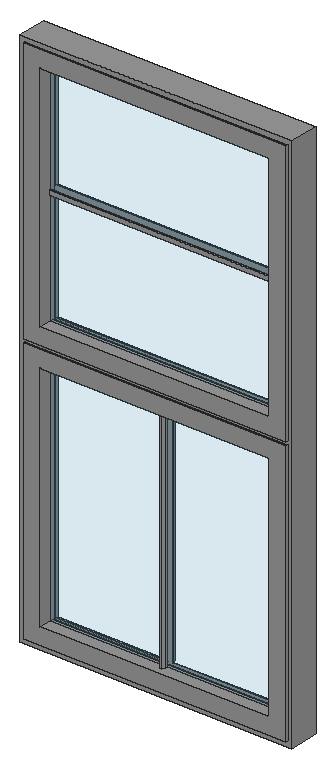
Revit family "Kawneer_Window_GT70s_Pos0081", category Windows, host Wall, Revit 2020 (continued)
Definition of nested family "Kawneer_GT70s_Pos008"
  Definition of nested family "Kawneer_GT70s_Jamb8"
    Lines and regions (mm)
      model lines, in view "Ref. Level", detail levels fine
        curve 955: line (-38.383, -47.133, 0) -> (-35.431, -47.133, 0)
        curve 956: line (-35.164, -47.147, 0) -> (-36.662, -48.645, 0)
        curve 957: line (-36.662, -48.645, 0) -> (-37.957, -49.68, 0)
        curve 958: line (-37.957, -49.68, 0) -> (-39.458, -48.179, 0)
        curve 959: line (-38.754, -49.145, 0) -> (-39.066, -48.928, 0)
        curve 960: line (-39.066, -48.928, 0) -> (-37.271, -47.133, 0)
        curve 961: line (-36.485, -50.589, 0) -> (-34.849, -48.953, 0)
        curve 962: line (-34.849, -48.953, 0) -> (-33.712, -47.817, 0)
        curve 963: line (-35.12, -51.345, 0) -> (-33.036, -49.262, 0)
        curve 964: line (-33.702, -52.049, 0) -> (-31.223, -49.57, 0)
        curve 965: line (-32.23, -52.699, 0) -> (-29.41, -49.878, 0)
        curve 966: line (-30.701, -53.29, 0) -> (-27.597, -50.186, 0)
        curve 967: line (-27.597, -50.186, 0) -> (-37.716, -48.466, 0)
        curve 968: line (-25.366, -47.956, 0) -> (-24.429, -47.019, 0)
        curve 969: line (-24.429, -47.019, 0) -> (-23.674, -46.264, 0)
        curve 970: line (-29.113, -53.824, 0) -> (-23.869, -48.58, 0)
        curve 971: line (-23.869, -48.58, 0) -> (-22.871, -47.582, 0)
        curve 972: line (-22.871, -47.582, 0) -> (-21.468, -46.179, 0)
        curve 973: line (-27.512, -54.344, 0) -> (-23.309, -50.142, 0)
        curve 974: line (-23.309, -50.142, 0) -> (-22.261, -49.093, 0)
        curve 975: line (-22.261, -49.093, 0) -> (-22.694, -49.102, 0)
        curve 976: line (-21.405, -48.237, 0) -> (-20.147, -46.979, 0)
        curve 977: line (-25.911, -54.865, 0) -> (-23.726, -52.68, 0)
        curve 978: line (-22.812, -51.766, 0) -> (-22.144, -51.097, 0)
        curve 979: line (-20.279, -49.232, 0) -> (-19.488, -48.441, 0)
        curve 980: line (-24.31, -55.385, 0) -> (-23.724, -54.799, 0)
        curve 981: line (-22.694, -47.702, 0) -> (-21.904, -47.702, 0)
        curve 982: line (-23.194, -48.602, 0) -> (-23.194, -48.202, 0)
        curve 983: line (-23.194, -50.664, 0) -> (-23.194, -50.264, 0)
        curve 984: line (-22.694, -49.764, 0) -> (-22.394, -49.764, 0)
        curve 985: line (-21.894, -50.264, 0) -> (-21.894, -50.664, 0)
        curve 986: line (-22.394, -51.164, 0) -> (-22.694, -51.164, 0)
        curve 987: line (-22.014, -46.044, 0) -> (-22.341, -46.737, 0)
        curve 988: line (-23.674, -46.438, 0) -> (-23.674, -45.279, 0)
        curve 989: line (-25.267, -46.826, 0) -> (-25.402, -48.371, 0)
        curve 990: line (-37.664, -48.295, 0) -> (-33.841, -49.048, 0)
        curve 991: line (-22.326, -52.387, 0) -> (-22.083, -52.926, 0)
        curve 992: line (-22.083, -52.926, 0) -> (-21.548, -52.926, 0)
        curve 993: line (-21.548, -52.926, 0) -> (-19.374, -51.718, 0)
        curve 994: line (-19.367, -47.853, 0) -> (-19.367, -47.62, 0)
        curve 995: line (-17.681, 2.259, 0) -> (-19.422, 4, 0)
        curve 996: line (-18.089, 0.546, 0) -> (-18.66, 1.117, 0)
        curve 997: line (-20.544, 3.001, 0) -> (-20.878, 3.335, 0)
        curve 998: line (-20.878, 3.335, 0) -> (-21.444, 3.901, 0)
        curve 999: line (-21.444, 3.901, 0) -> (-22.26, 3.001, 0)
        curve 1000: line (-22.362, 4.818, 0) -> (-23.449, 5.906, 0)
        curve 1001: line (-19.665, 0, 0) -> (-20.519, 0.855, 0)
        curve 1002: line (-20.519, 0.855, 0) -> (-20.807, 1.142, 0)
        curve 1003: line (-19.206, 1.662, 0) -> (-20.351, 2.788, 0)
        curve 1004: line (-20.351, 2.788, 0) -> (-21.438, 1.773, 0)
        curve 1005: line (-21.438, 1.773, 0) -> (-22.274, 2.61, 0)
        curve 1006: line (-21.786, 0, 0) -> (-23.674, 1.888, 0)
        curve 1007: line (-24.496, 2.886, 0) -> (-23.375, 4.007, 0)
        curve 1008: line (-23.375, 4.007, 0) -> (-22.342, 5.039, 0)
        curve 1009: line (-21.781, 5.601, 0) -> (-20.972, 6.41, 0)
        curve 1010: line (-23.908, 1.353, 0) -> (-23.376, 1.885, 0)
        curve 1011: line (-23.191, 2.069, 0) -> (-22.578, 2.682, 0)
        curve 1012: line (-21.238, 5.418, 0) -> (-21.124, 4.118, 0)
        curve 1013: line (-21.061, 4.199, 0) -> (-20.324, 4.937, 0)
        curve 1014: line (-20.324, 4.937, 0) -> (-20.374, 4.5, 0)
        curve 1015: line (-20.324, 4.201, 0) -> (-20.324, 5.301, 0)
        curve 1016: line (-20.324, 5.301, 0) -> (-19.882, 5.379, 0)
        curve 1017: line (-19.882, 5.379, 0) -> (-19.728, 5.532, 0)
        curve 1018: line (-22.955, 0.184, 0) -> (-22.319, 0.82, 0)
        curve 1019: line (-20.138, 3.001, 0) -> (-19.139, 4, 0)
        curve 1020: line (-21.018, 0, 0) -> (-20.153, 0.865, 0)
        curve 1021: line (-20.153, 0.865, 0) -> (-19.15, 1.868, 0)
        curve 1022: line (-18.491, 2.526, 0) -> (-17.753, 3.265, 0)
        curve 1023: line (-18.832, 0.064, 0) -> (-17.767, 1.13, 0)
        curve 1024: line (-21.437, 5.601, 0) -> (-22.11, 5.601, 0)
        curve 1025: line (-22.309, 5.418, 0) -> (-22.423, 4.118, 0)
        curve 1026: line (-22.224, 3.901, 0) -> (-21.324, 3.901, 0)
        curve 1027: line (-19.806, 0.801, 0) -> (-19.297, 0.801, 0)
        curve 1028: line (-18.711, 3.001, 0) -> (-22.904, 3.001, 0)
        curve 1029: line (-24.824, 4.001, 0) -> (-23.424, 4.001, 0)
        curve 1030: line (-23.224, 4.201, 0) -> (-23.224, 5.301, 0)
        curve 1031: line (-23.224, 5.301, 0) -> (-23.658, 5.377, 0)
        curve 1032: line (-23.724, 5.747, 0) -> (-22.419, 6.501, 0)
        curve 1033: line (-22.419, 6.501, 0) -> (-21.128, 6.501, 0)
        curve 1034: line (-21.128, 6.501, 0) -> (-19.824, 5.747, 0)
        curve 1035: line (-20.124, 4.001, 0) -> (-18.124, 4.001, 0)
        curve 1036: line (-19.298, -0.005, 0) -> (-22.167, -0.005, 0)
        curve 1037: line (-30.823, -67.5, 0) -> (-30.945, -68, 0)
        curve 1038: line (-30.945, -68, 0) -> (-32.945, -66, 0)
        curve 1039: line (-33.254, -69.934, 0) -> (-33.841, -69.346, 0)
        curve 1040: line (-33.841, -69.346, 0) -> (-34.384, -68.803, 0)
        curve 1041: line (-34.523, -67.9, 0) -> (-35.287, -67.9, 0)
        curve 1042: line (-35.287, -67.9, 0) -> (-37.187, -66, 0)
        curve 1043: line (-37.309, -68, 0) -> (-39.309, -66, 0)
        curve 1044: line (-39.309, -66, 0) -> (-32.323, -66, 0)
        curve 1045: line (-39.281, -68.149, 0) -> (-40.643, -66.787, 0)
        curve 1046: line (-39.153, -70.398, 0) -> (-41.792, -67.759, 0)
        curve 1047: line (-39.728, -71.944, 0) -> (-40.813, -70.86, 0)
        curve 1048: line (-38.437, -66, 0) -> (-42.05, -69.623, 0)
        curve 1049: line (-42.05, -69.623, 0) -> (-44.129, -67.544, 0)
        curve 1050: line (-44.129, -67.544, 0) -> (-45.33, -68.651, 0)
        curve 1051: line (-45.073, -68.721, 0) -> (-46.458, -67.336, 0)
        curve 1052: line (-46.458, -67.336, 0) -> (-41.359, -67.798, 0)
        curve 1053: line (-46.866, -68.065, 0) -> (-46.164, -67.363, 0)
        curve 1054: line (-43.664, -69.105, 0) -> (-42.274, -67.715, 0)
        curve 1055: line (-40.947, -70.632, 0) -> (-39.27, -68.955, 0)
        curve 1056: line (-40.022, -71.827, 0) -> (-39.111, -70.917, 0)
        curve 1057: line (-34.809, -70.5, 0) -> (-36.328, -68.981, 0)
        curve 1058: line (-36.323, -69.1, 0) -> (-36.357, -68.162, 0)
        curve 1059: line (-36.357, -68.162, 0) -> (-34.194, -66, 0)
        curve 1060: line (-36.268, -70.195, 0) -> (-35.415, -69.342, 0)
        curve 1061: line (-35.415, -69.342, 0) -> (-35.523, -68.117, 0)
        curve 1062: line (-34.438, -69.417, 0) -> (-34.337, -68.264, 0)
        curve 1063: line (-34.337, -68.264, 0) -> (-32.091, -66.018, 0)
        curve 1064: line (-34.452, -70.5, 0) -> (-33.115, -69.163, 0)
        curve 1065: line (-31.952, -68, 0) -> (-30.921, -66.969, 0)
        curve 1066: line (-35.21, -69.6, 0) -> (-34.637, -69.6, 0)
        curve 1067: line (-33.523, -68.3, 0) -> (-33.523, -69.1, 0)
        curve 1068: line (-33.523, -69.1, 0) -> (-32.873, -69.2, 0)
        curve 1069: line (-32.873, -69.2, 0) -> (-32.873, -69.615, 0)
        curve 1070: line (-32.873, -69.615, 0) -> (-33.928, -70.5, 0)
        curve 1071: line (-33.928, -70.5, 0) -> (-35.9, -70.5, 0)
        curve 1072: line (-35.9, -70.5, 0) -> (-36.61, -69.913, 0)
        curve 1073: line (-36.623, -68, 0) -> (-39.022, -68, 0)
        curve 1074: line (-39.321, -68.324, 0) -> (-39.023, -72, 0)
        curve 1075: line (-39.023, -72, 0) -> (-39.323, -72, 0)
        curve 1076: line (-42.671, -69.376, 0) -> (-46.554, -68.317, 0)
        curve 1077: line (-30.823, -68, 0) -> (-33.223, -68, 0)
        curve 1078: line (-20.219, -18.531, 0) -> (-21.198, -17.551, 0)
        curve 1079: line (-21.198, -17.551, 0) -> (-21.877, -17.551, 0)
        curve 1080: line (-19.077, -21.794, 0) -> (-22.377, -18.494, 0)
        curve 1081: line (-23.677, -20.051, 0) -> (-23.677, -25.938, 0)
        curve 1082: line (-23.677, -25.938, 0) -> (-20.362, -22.63, 0)
        curve 1083: line (-20.362, -22.63, 0) -> (-23.392, -19.6, 0)
        curve 1084: line (-20.577, -24.536, 0) -> (-23.677, -21.436, 0)
        curve 1085: line (-19.214, -28.021, 0) -> (-23.677, -23.558, 0)
        curve 1086: line (-20.787, -28.569, 0) -> (-23.677, -25.679, 0)
        curve 1087: line (-23.435, -30.163, 0) -> (-24.196, -29.403, 0)
        curve 1088: line (-24.196, -29.403, 0) -> (-26.647, -26.952, 0)
        curve 1089: line (-19.261, -36.459, 0) -> (-21.266, -34.455, 0)
        curve 1090: line (-27.272, -28.448, 0) -> (-28.773, -26.947, 0)
        curve 1091: line (-28.773, -26.947, 0) -> (-31.883, -29.901, 0)
        curve 1092: line (-21.204, -36.637, 0) -> (-24.518, -33.323, 0)
        curve 1093: line (-24.518, -33.323, 0) -> (-25.077, -32.764, 0)
        curve 1094: line (-29.393, -28.448, 0) -> (-30.9, -26.942, 0)
        curve 1095: line (-30.9, -26.942, 0) -> (-24.679, -26.957, 0)
        curve 1096: line (-24.679, -26.957, 0) -> (-24.035, -27.443, 0)
        curve 1097: line (-24.035, -27.443, 0) -> (-22.399, -29.079, 0)
        curve 1098: line (-23.107, -36.856, 0) -> (-24.679, -35.283, 0)
        curve 1099: line (-24.679, -35.283, 0) -> (-30.634, -29.329, 0)
        curve 1100: line (-30.634, -29.329, 0) -> (-31.919, -28.043, 0)
        curve 1101: line (-31.919, -28.043, 0) -> (-34.191, -28.962, 0)
        curve 1102: line (-21.484, -44.015, 0) -> (-19.729, -42.355, 0)
        curve 1103: line (-19.729, -42.355, 0) -> (-20.533, -41.551, 0)
        curve 1104: line (-30.066, -32.018, 0) -> (-31.346, -30.738, 0)
        curve 1105: line (-31.346, -30.738, 0) -> (-31.883, -30.201, 0)
        curve 1106: line (-32.831, -29.253, 0) -> (-33.43, -28.654, 0)
        curve 1107: line (-25.842, -42.951, 0) -> (-23.574, -40.632, 0)
        curve 1108: line (-23.574, -40.632, 0) -> (-25.002, -39.204, 0)
        curve 1109: line (-25.002, -39.204, 0) -> (-25.121, -39.085, 0)
        curve 1110: line (-25.373, -38.833, 0) -> (-26.916, -37.289, 0)
        curve 1111: line (-30.38, -33.825, 0) -> (-31.883, -32.322, 0)
        curve 1112: line (-23.375, -42.951, 0) -> (-25.136, -41.19, 0)
        curve 1113: line (-27.538, -38.789, 0) -> (-29.038, -37.289, 0)
        curve 1114: line (-30.376, -35.95, 0) -> (-31.883, -34.443, 0)
        curve 1115: line (-31.883, -34.443, 0) -> (-31.883, -29.15, 0)
        curve 1116: line (-25.497, -42.951, 0) -> (-26.993, -41.454, 0)
        curve 1117: line (-29.659, -38.789, 0) -> (-30.542, -37.906, 0)
        curve 1118: line (-30.542, -37.906, 0) -> (-31.883, -36.565, 0)
        curve 1119: line (-34.013, -36.033, 0) -> (-32.721, -35.727, 0)
        curve 1120: line (-32.721, -35.727, 0) -> (-33.323, -35.124, 0)
        curve 1121: line (-27.618, -42.951, 0) -> (-29.115, -41.454, 0)
        curve 1122: line (-30.371, -40.198, 0) -> (-31.149, -39.42, 0)
        curve 1123: line (-31.149, -39.42, 0) -> (-31.883, -38.687, 0)
        curve 1124: line (-22.762, -42.951, 0) -> (-29.739, -42.951, 0)
        curve 1125: line (-29.739, -42.951, 0) -> (-31.756, -40.935, 0)
        curve 1126: line (-31.756, -40.935, 0) -> (-31.883, -40.808, 0)
        curve 1127: line (-31.883, -40.808, 0) -> (-31.883, -35.67, 0)
        curve 1128: line (-30.41, -44.402, 0) -> (-31.883, -42.929, 0)
        curve 1129: line (-33.52, -29.416, 0) -> (-32.349, -28.246, 0)
        curve 1130: line (-31.866, -27.763, 0) -> (-31.061, -26.957, 0)
        curve 1131: line (-23.677, -21.695, 0) -> (-20.325, -18.343, 0)
        curve 1132: line (-31.883, -32.022, 0) -> (-29.699, -29.838, 0)
        curve 1133: line (-28.309, -28.448, 0) -> (-26.812, -26.952, 0)
        curve 1134: line (-23.677, -23.816, 0) -> (-19.558, -19.697, 0)
        curve 1135: line (-33.698, -35.959, 0) -> (-32.572, -34.832, 0)
        curve 1136: line (-29.743, -32.003, 0) -> (-28.639, -30.899, 0)
        curve 1137: line (-26.188, -28.448, 0) -> (-24.696, -26.957, 0)
        curve 1138: line (-31.883, -36.264, 0) -> (-30.379, -34.76, 0)
        curve 1139: line (-28.639, -33.02, 0) -> (-27.578, -31.96, 0)
        curve 1140: line (-25.077, -29.459, 0) -> (-24.122, -28.504, 0)
        curve 1141: line (-24.122, -28.504, 0) -> (-20.577, -24.959, 0)
        curve 1142: line (-31.883, -38.386, 0) -> (-30.375, -36.878, 0)
        curve 1143: line (-30.375, -36.878, 0) -> (-30.383, -32.643, 0)
        curve 1144: line (-30.383, -32.643, 0) -> (-31.883, -34.144, 0)
        curve 1145: line (-27.578, -34.081, 0) -> (-26.517, -33.02, 0)
        curve 1146: line (-25.077, -31.58, 0) -> (-24.312, -30.815, 0)
        curve 1147: line (-24.312, -30.815, 0) -> (-23.083, -29.586, 0)
        curve 1148: line (-22.893, -29.396, 0) -> (-19.544, -26.047, 0)
        curve 1149: line (-19.544, -26.047, 0) -> (-20.077, -26.046, 0)
        curve 1150: line (-33.226, -41.586, 0) -> (-32.611, -42.201, 0)
        curve 1151: line (-32.611, -42.201, 0) -> (-33.876, -42.501, 0)
        curve 1152: line (-33.876, -42.501, 0) -> (-32.794, -41.419, 0)
        curve 1153: line (-31.883, -40.507, 0) -> (-31.385, -40.009, 0)
        curve 1154: line (-31.385, -40.009, 0) -> (-28.665, -37.289, 0)
        curve 1155: line (-26.517, -35.142, 0) -> (-24.502, -33.126, 0)
        curve 1156: line (-24.502, -33.126, 0) -> (-23.577, -32.201, 0)
        curve 1157: line (-23.577, -32.201, 0) -> (-24.357, -31.363, 0)
        curve 1158: line (-24.357, -31.363, 0) -> (-25.077, -30.643, 0)
        curve 1159: line (-22.162, -28.99, 0) -> (-19.574, -28.198, 0)
        curve 1160: line (-19.574, -28.198, 0) -> (-19.078, -27.702, 0)
        curve 1161: line (-19.078, -27.702, 0) -> (-19.078, -26.571, 0)
        curve 1162: line (-31.883, -42.628, 0) -> (-30.359, -41.105, 0)
        curve 1163: line (-30.359, -41.105, 0) -> (-30.383, -39.289, 0)
        curve 1164: line (-28.043, -38.789, 0) -> (-26.543, -37.289, 0)
        curve 1165: line (-25.457, -36.202, 0) -> (-24.692, -35.438, 0)
        curve 1166: line (-24.692, -35.438, 0) -> (-23.32, -34.066, 0)
        curve 1167: line (-31.754, -44.621, 0) -> (-30.277, -43.144, 0)
        curve 1168: line (-30.277, -43.144, 0) -> (-28.587, -41.454, 0)
        curve 1169: line (-25.922, -38.789, 0) -> (-24.882, -37.749, 0)
        curve 1170: line (-24.882, -37.749, 0) -> (-21.574, -34.441, 0)
        curve 1171: line (-27.963, -42.951, 0) -> (-26.466, -41.454, 0)
        curve 1172: line (-25.077, -40.065, 0) -> (-23.577, -38.565, 0)
        curve 1173: line (-23.577, -38.565, 0) -> (-24.84, -37.244, 0)
        curve 1174: line (-24.84, -37.244, 0) -> (-25.112, -36.972, 0)
        curve 1175: line (-21.671, -36.659, 0) -> (-19.541, -34.53, 0)
        curve 1176: line (-19.541, -34.53, 0) -> (-22.621, -34.395, 0)
        curve 1177: line (-22.621, -36.705, 0) -> (-19.443, -36.553, 0)
        curve 1178: line (-19.443, -36.553, 0) -> (-19.095, -36.205, 0)
        curve 1179: line (-19.095, -36.205, 0) -> (-19.077, -35.029, 0)
        curve 1180: line (-23.72, -42.951, 0) -> (-22.32, -41.551, 0)
        curve 1181: line (-22.473, -43.174, 0) -> (-22.335, -43.687, 0)
        curve 1182: line (-22.335, -43.687, 0) -> (-20.199, -41.551, 0)
        curve 1183: line (-20.199, -41.551, 0) -> (-22.657, -41.551, 0)
        curve 1184: line (-22.657, -41.551, 0) -> (-20.819, -43.386, 0)
        curve 1185: line (-30.236, -29.302, 0) -> (-25.931, -33.607, 0)
        curve 1186: line (-25.077, -33.254, 0) -> (-25.077, -28.948, 0)
        curve 1187: line (-25.577, -28.448, 0) -> (-29.883, -28.448, 0)
        curve 1188: line (-25.077, -40.954, 0) -> (-25.077, -39.289, 0)
        curve 1189: line (-25.577, -38.789, 0) -> (-29.883, -38.789, 0)
        curve 1190: line (-29.883, -41.454, 0) -> (-25.577, -41.454, 0)
        curve 1191: line (-29.883, -37.289, 0) -> (-25.577, -37.289, 0)
        curve 1192: line (-25.223, -36.436, 0) -> (-29.529, -32.13, 0)
        curve 1193: line (-34.191, -35.462, 0) -> (-32.01, -34.614, 0)
        curve 1194: line (-32.608, -29.2, 0) -> (-34.013, -29.533, 0)
        curve 1195: line (-20.631, -17.805, 0) -> (-19.142, -20.43, 0)
        curve 1196: line (-19.077, -20.676, 0) -> (-19.077, -22.041, 0)
        curve 1197: line (-19.577, -22.541, 0) -> (-20.077, -22.541, 0)
        curve 1198: line (-20.577, -23.041, 0) -> (-20.577, -25.546, 0)
        curve 1199: line (-23.577, -30.902, 0) -> (-23.577, -33.396, 0)
        curve 1200: line (-23.577, -37.704, 0) -> (-23.577, -40.551, 0)
        curve 1201: line (-30.383, -43.451, 0) -> (-30.383, -44.201, 0)
        curve 1202: line (-31.883, -44.201, 0) -> (-31.883, -42.17, 0)
        curve 1203: line (-34.191, -41.962, 0) -> (-32.01, -41.114, 0)
        curve 1204: line (-70.924, -33.43, 0) -> (-68.142, -30.648, 0)
        curve 1205: line (-70.924, -36.966, 0) -> (-63.881, -29.922, 0)
        curve 1206: line (-70.924, -40.501, 0) -> (-61.053, -30.63, 0)
        curve 1207: line (-70.183, -46.831, 0) -> (-58.874, -35.522, 0)
        curve 1208: line (-67.905, -48.088, 0) -> (-58.874, -39.058, 0)
        curve 1209: line (-64.611, -48.33, 0) -> (-58.961, -42.681, 0)
        curve 1210: line (-58.874, -33.43, 0) -> (-62.035, -30.269, 0)
        curve 1211: line (-58.874, -36.966, 0) -> (-65.852, -29.987, 0)
        curve 1212: line (-58.874, -40.501, 0) -> (-68.539, -30.836, 0)
        curve 1213: line (-59.214, -43.696, 0) -> (-70.618, -32.293, 0)
        curve 1214: line (-60.481, -45.965, 0) -> (-70.924, -35.522, 0)
        curve 1215: line (-62.42, -47.562, 0) -> (-70.924, -39.058, 0)
        curve 1216: line (-65.12, -48.397, 0) -> (-70.924, -42.593, 0)
        curve 1217: line (-70.577, -46.476, 0) -> (-70.719, -46.334, 0)
        curve 1218: line (-58.874, -41.9, 0) -> (-58.874, -38.7, 0)
        curve 1219: line (-58.874, -38.7, 0) -> (-58.874, -31.99, 0)
        curve 1220: line (-58.874, -31.99, 0) -> (-70.924, -44.037, 0)
        curve 1221: line (-70.924, -32.595, 0) -> (-70.924, -46.113, 0)
        curve 1222: line (-64.674, 8, 0) -> (-78.474, 8, 0)
        curve 1223: line (-78.974, 7.5, 0) -> (-78.974, -31.4, 0)
        curve 1224: line (-78.474, -31.9, 0) -> (-77.174, -31.9, 0)
        curve 1225: line (-76.674, -31.4, 0) -> (-76.674, -30.9, 0)
        curve 1226: line (-77.774, -29.9, 0) -> (-77.774, -6.7, 0)
        curve 1227: line (-77.274, -6.2, 0) -> (-61.824, -6.2, 0)
        curve 1228: line (-61.682, -6.541, 0) -> (-62.365, -7.224, 0)
        curve 1229: line (-62.365, -7.224, 0) -> (-62.424, -7.6, 0)
        curve 1230: line (-62.224, -7.8, 0) -> (-61.758, -7.8, 0)
        curve 1231: line (-61.508, -7.733, 0) -> (-59.877, -6.792, 0)
        curve 1232: line (-60.33, -5.1, 0) -> (-76.718, -5.1, 0)
        curve 1233: line (-77.718, -4.082, 0) -> (-77.55, 5.08, 0)
        curve 1234: line (-76.052, 6.5, 0) -> (-67.907, 6.5, 0)
        curve 1235: line (-67.474, 6.25, 0) -> (-65.944, 3.6, 0)
        curve 1236: line (-64.212, 2.6, 0) -> (-61.532, 2.6, 0)
        curve 1237: line (-61.179, 3.454, 0) -> (-61.737, 4.012, 0)
        curve 1238: line (-62.539, 3.8, 0) -> (-64.096, 3.8, 0)
        curve 1239: line (-64.962, 4.3, 0) -> (-65.973, 6.05, 0)
        curve 1240: line (-65.54, 6.8, 0) -> (-64.374, 6.8, 0)
        curve 1241: line (-64.174, 7, 0) -> (-64.174, 7.5, 0)
        curve 1242: line (-72.072, -65, 0) -> (-76.722, -69.651, 0)
        curve 1243: line (-75.093, -65.9, 0) -> (-77.193, -68, 0)
        curve 1244: line (-77.034, -65.148, 0) -> (-76.913, -65.599, 0)
        curve 1245: line (-76.913, -65.599, 0) -> (-78.809, -67.495, 0)
        curve 1246: line (-78.435, -65, 0) -> (-79.078, -65.642, 0)
        curve 1247: line (-77.876, -65, 0) -> (-73.225, -69.651, 0)
        curve 1248: line (-74.855, -65.9, 0) -> (-72.754, -68, 0)
        curve 1249: line (-72.913, -65.148, 0) -> (-73.034, -65.599, 0)
        curve 1250: line (-73.034, -65.599, 0) -> (-71.138, -67.495, 0)
        curve 1251: line (-71.512, -65, 0) -> (-70.87, -65.642, 0)
        curve 1252: line (-76.887, -69.415, 0) -> (-76.467, -70.015, 0)
        curve 1253: line (-76.304, -70.1, 0) -> (-75.739, -70.1, 0)
        curve 1254: line (-75.566, -70, 0) -> (-75.147, -69.274, 0)
        curve 1255: line (-74.8, -69.274, 0) -> (-74.381, -70, 0)
        curve 1256: line (-74.208, -70.1, 0) -> (-73.644, -70.1, 0)
        curve 1257: line (-73.48, -70.015, 0) -> (-73.06, -69.415, 0)
        curve 1258: line (-71.185, -67.817, 0) -> (-70.808, -65.217, 0)
        curve 1259: line (-71.008, -65, 0) -> (-72.72, -65, 0)
        curve 1260: line (-73.268, -65.9, 0) -> (-76.68, -65.9, 0)
        curve 1261: line (-77.227, -65, 0) -> (-78.94, -65, 0)
        curve 1262: line (-79.139, -65.217, 0) -> (-78.763, -67.817, 0)
        curve 1263: line (-70.704, -35.602, 0) -> (-71.995, -37.005, 0)
        curve 1264: line (-71.995, -37.005, 0) -> (-76.642, -32.005, 0)
        curve 1265: line (-72.807, -33.277, 0) -> (-74.666, -35.297, 0)
        curve 1266: line (-75.384, -31.466, 0) -> (-78.33, -34.668, 0)
        curve 1267: line (-78.33, -34.668, 0) -> (-77.035, -36.19, 0)
        curve 1268: line (-78.801, -35.18, 0) -> (-80.48, -37.005, 0)
        curve 1269: line (-80.48, -37.005, 0) -> (-81.8, -35.622, 0)
        curve 1270: line (-78.002, -32.005, 0) -> (-80.661, -34.896, 0)
        curve 1271: line (-80.976, -35.238, 0) -> (-82.536, -36.934, 0)
        curve 1272: line (-79.085, -30.877, 0) -> (-81.402, -33.395, 0)
        curve 1273: line (-82.252, -35.131, 0) -> (-81.955, -35.453, 0)
        curve 1274: line (-81.498, -33.644, 0) -> (-80.467, -34.765, 0)
        curve 1275: line (-80.994, -31.887, 0) -> (-79.278, -33.752, 0)
        curve 1276: line (-80.354, -30.276, 0) -> (-75.899, -35.119, 0)
        curve 1277: line (-74.807, -31.694, 0) -> (-70.074, -36.839, 0)
      detail lines, in view "Ref. Level", detail levels coarse+medium
        curve 1278: line (0, -106, 0) -> (0, 0, 0)
        curve 1279: line (0, 0, 0) -> (-18, 0, 0)
        curve 1280: line (-18, 0, 0) -> (-18, 8, 0)
        curve 1281: line (-18, 8, 0) -> (-79, 8, 0)
        curve 1282: line (-79, 8, 0) -> (-79, -37, 0)
        curve 1283: line (-79, -37, 0) -> (-69.95, -37, 0)
        curve 1284: line (-69.95, -37, 0) -> (-69.95, -65, 0)
        curve 1285: line (-69.95, -65, 0) -> (-79, -65, 0)
        curve 1286: line (-79, -65, 0) -> (-79, -72, 0)
        curve 1287: line (-79, -72, 0) -> (-38.974, -72, 0)
        curve 1288: line (-38.974, -72, 0) -> (-38.974, -82, 0)
        curve 1289: line (-38.974, -82, 0) -> (-26.973, -82, 0)
        curve 1290: line (-26.973, -82, 0) -> (-17.056, -106, 0)
        curve 1291: line (-17.056, -106, 0) -> (0, -106, 0)
  Definition of nested family "Kawneer_GT70s_Trans8"
    Parameters (values of type "Jamb Open")
      Open [instance] = yes
    Reference planes
      plane 1 "Center (Front/Back)": y = 0
      plane 2: z = 0
      plane 3 "Center (Left/Right)": x = 0
      plane 4: x = -67
      plane 5: y = -37
      plane 6: y = -72
      plane 7: y = -65
      plane 8: y = -37
      plane 9: y = -65
      plane 10: x = 67
      plane 11: x = -57.95
      plane 12: x = 57.95
    Lines and regions (mm)
      detail lines, in view "Ref. Level", detail levels coarse+medium
        curve 1: line (12.094, 30, 0) -> (-11.906, 30, 0)
        curve 2: line (-11.906, 30, 0) -> (-11.906, 8, 0)
        curve 3: line (-11.906, 8, 0) -> (-67, 8, 0)
        curve 4: line (-67, 8, 0) -> (-67, -37, 0)
        curve 5: line (-67, -37, 0) -> (-57.95, -37, 0)
        curve 6: line (-57.95, -37, 0) -> (-57.95, -65, 0)
        curve 7: line (-57.95, -65, 0) -> (-67, -65, 0)
        curve 8: line (-67, -65, 0) -> (-67, -72, 0)
        curve 9: line (-67, -72, 0) -> (-27, -72, 0)
        curve 10: line (67, 8, 0) -> (67, -37, 0)
        curve 11: line (67, -37, 0) -> (57.95, -37, 0)
        curve 12: line (57.95, -37, 0) -> (57.95, -65, 0)
        curve 13: line (57.95, -65, 0) -> (67, -65, 0)
        curve 14: line (67, -65, 0) -> (67, -72, 0)
        curve 15: line (12.094, 30, 0) -> (12.094, 8, 0)
        curve 16: line (12.094, 8, 0) -> (67, 8, 0)
        curve 2262: line (-27, -72, 0) -> (-27, -80.201, 0)
        curve 2263: line (-27, -80.201, 0) -> (-14.941, -80.201, 0)
        curve 2264: line (-14.941, -80.201, 0) -> (-5, -104.201, 0)
        curve 2265: line (-5, -104.201, 0) -> (5, -104.201, 0)
        curve 2266: line (5, -104.201, 0) -> (14.941, -80.201, 0)
        curve 2267: line (14.941, -80.201, 0) -> (27, -80.201, 0)
        curve 2268: line (27, -80.201, 0) -> (27, -72, 0)
        curve 2269: line (27, -72, 0) -> (67, -72, 0)
      model lines, in view "Ref. Level", detail levels fine
        curve 17: arc (-3.736, -34.201, 0) -> (-4.636, -35.101, 0) -> (-3.736, -36.001, 0) r 0.9
        curve 18: arc (3.75, -38.203, 0) -> (4.65, -37.303, 0) -> (3.75, -36.403, 0) r 0.9
        curve 19: arc (36.749, -37.3, 0) -> (35.849, -38.2, 0) -> (36.749, -39.1, 0) r 0.9
        curve 20: arc (41.347, -41.299, 0) -> (42.247, -40.399, 0) -> (41.347, -39.499, 0) r 0.9
        curve 21: arc (47.45, -62.546, 0) -> (47.097, -62.693, 0) -> (46.95, -63.046, 0) r 0.5
        curve 22: arc (51.45, -62.546, 0) -> (51.804, -62.4, 0) -> (51.95, -62.046, 0) r 0.5
        curve 23: arc (51.95, -51.546, 0) -> (51.804, -51.193, 0) -> (51.45, -51.046, 0) r 0.5
        curve 24: arc (46.95, -50.546, 0) -> (47.097, -50.9, 0) -> (47.45, -51.046, 0) r 0.5
        curve 25: arc (51.45, -49.046, 0) -> (51.804, -48.9, 0) -> (51.95, -48.546, 0) r 0.5
        curve 26: arc (47.45, -49.046, 0) -> (47.097, -49.193, 0) -> (46.95, -49.546, 0) r 0.5
        curve 27: arc (46.95, -13.546, 0) -> (47.097, -13.9, 0) -> (47.45, -14.046, 0) r 0.5
        curve 28: arc (51.95, -14.546, 0) -> (51.804, -14.193, 0) -> (51.45, -14.046, 0) r 0.5
        curve 29: arc (47.45, -9.546, 0) -> (47.097, -9.693, 0) -> (46.95, -10.046, 0) r 0.5
        curve 30: arc (49.45, -10.046, 0) -> (49.304, -9.693, 0) -> (48.95, -9.546, 0) r 0.5
        curve 31: arc (49.45, -11.546, 0) -> (49.597, -11.9, 0) -> (49.95, -12.046, 0) r 0.5
        curve 32: spline (64.861, -35.939, 0) -> (64.983, -36.099, 0) -> (65.115, -36.249, 0) -> (65.258, -36.387, 0) -> (65.41, -36.512, 0) -> (65.571, -36.625, 0) -> (65.739, -36.724, 0) -> (65.913, -36.809, 0) -> (66.093, -36.879, 0) -> (66.277, -36.934, 0) -> (66.465, -36.973, 0) -> (66.655, -36.997, 0) -> (66.846, -37.005, 0)
        curve 33: spline (64.658, -35.658, 0) -> (64.512, -35.487, 0) -> (64.345, -35.341, 0) -> (64.161, -35.222, 0) -> (63.964, -35.133, 0) -> (63.756, -35.075, 0) -> (63.543, -35.05, 0) -> (63.329, -35.058, 0) -> (63.119, -35.099, 0) -> (62.916, -35.172, 0) -> (62.724, -35.276, 0) -> (62.548, -35.409, 0) -> (62.391, -35.567, 0)
        curve 34: spline (60.288, -37.005, 0) -> (60.424, -37, 0) -> (60.56, -36.985, 0) -> (60.695, -36.96, 0) -> (60.828, -36.924, 0) -> (60.958, -36.879, 0) -> (61.085, -36.825, 0) -> (61.209, -36.761, 0) -> (61.328, -36.688, 0) -> (61.442, -36.607, 0) -> (61.551, -36.517, 0) -> (61.654, -36.419, 0) -> (61.751, -36.314, 0)
        curve 35: spline (58.369, -35.717, 0) -> (58.231, -35.77, 0) -> (58.11, -35.857, 0) -> (58.012, -35.974, 0) -> (57.942, -36.113, 0) -> (57.905, -36.266, 0) -> (57.904, -36.425, 0) -> (57.937, -36.579, 0) -> (58.004, -36.72, 0) -> (58.1, -36.839, 0) -> (58.219, -36.929, 0) -> (58.355, -36.986, 0) -> (58.5, -37.005, 0)
        curve 36: spline (58.369, -35.717, 0) -> (58.564, -35.662, 0) -> (58.755, -35.592, 0) -> (58.941, -35.509, 0) -> (59.122, -35.413, 0) -> (59.296, -35.304, 0) -> (59.464, -35.182, 0) -> (59.623, -35.048, 0) -> (59.774, -34.903, 0) -> (59.916, -34.747, 0) -> (60.047, -34.582, 0) -> (60.168, -34.407, 0) -> (60.278, -34.223, 0)
        curve 37: spline (61.387, -32.421, 0) -> (61.289, -32.567, 0) -> (61.192, -32.714, 0) -> (61.096, -32.861, 0) -> (61.001, -33.01, 0) -> (60.907, -33.159, 0) -> (60.814, -33.309, 0) -> (60.722, -33.459, 0) -> (60.631, -33.611, 0) -> (60.541, -33.763, 0) -> (60.453, -33.915, 0) -> (60.365, -34.069, 0) -> (60.278, -34.223, 0)
        curve 38: spline (61.758, -32.12, 0) -> (61.722, -32.135, 0) -> (61.686, -32.153, 0) -> (61.651, -32.172, 0) -> (61.617, -32.193, 0) -> (61.584, -32.216, 0) -> (61.552, -32.241, 0) -> (61.521, -32.267, 0) -> (61.492, -32.295, 0) -> (61.464, -32.324, 0) -> (61.437, -32.355, 0) -> (61.411, -32.388, 0) -> (61.387, -32.421, 0)
        curve 39: spline (63.918, -31.492, 0) -> (63.907, -31.466, 0) -> (63.893, -31.442, 0) -> (63.877, -31.421, 0) -> (63.858, -31.402, 0) -> (63.837, -31.386, 0) -> (63.814, -31.372, 0) -> (63.79, -31.362, 0) -> (63.765, -31.356, 0) -> (63.739, -31.353, 0) -> (63.713, -31.354, 0) -> (63.688, -31.358, 0) -> (63.663, -31.366, 0)
        curve 40: spline (63.973, -31.825, 0) -> (63.978, -31.85, 0) -> (63.986, -31.874, 0) -> (63.997, -31.896, 0) -> (64.01, -31.918, 0) -> (64.025, -31.937, 0) -> (64.041, -31.954, 0) -> (64.06, -31.969, 0) -> (64.08, -31.982, 0) -> (64.102, -31.992, 0) -> (64.124, -31.999, 0) -> (64.147, -32.004, 0) -> (64.17, -32.005, 0)
        curve 41: spline (66.332, -32.005, 0) -> (66.443, -31.997, 0) -> (66.552, -31.972, 0) -> (66.656, -31.93, 0) -> (66.755, -31.874, 0) -> (66.845, -31.803, 0) -> (66.925, -31.719, 0) -> (66.994, -31.623, 0) -> (67.05, -31.519, 0) -> (67.092, -31.407, 0) -> (67.119, -31.289, 0) -> (67.131, -31.169, 0) -> (67.127, -31.048, 0)
        curve 42: spline (67.432, -29.319, 0) -> (67.381, -29.296, 0) -> (67.326, -29.284, 0) -> (67.271, -29.284, 0) -> (67.216, -29.294, 0) -> (67.164, -29.315, 0) -> (67.117, -29.347, 0) -> (67.075, -29.387, 0) -> (67.041, -29.435, 0) -> (67.016, -29.489, 0) -> (67.001, -29.547, 0) -> (66.995, -29.607, 0) -> (67, -29.667, 0)
        curve 43: spline (68.481, -30.472, 0) -> (68.421, -30.35, 0) -> (68.356, -30.233, 0) -> (68.285, -30.119, 0) -> (68.209, -30.01, 0) -> (68.127, -29.905, 0) -> (68.041, -29.804, 0) -> (67.95, -29.709, 0) -> (67.854, -29.62, 0) -> (67.754, -29.535, 0) -> (67.651, -29.457, 0) -> (67.543, -29.385, 0) -> (67.432, -29.319, 0)
        curve 44: spline (69.268, -32.832, 0) -> (69.222, -32.629, 0) -> (69.172, -32.426, 0) -> (69.119, -32.225, 0) -> (69.062, -32.024, 0) -> (69.001, -31.825, 0) -> (68.937, -31.627, 0) -> (68.87, -31.431, 0) -> (68.799, -31.236, 0) -> (68.724, -31.042, 0) -> (68.646, -30.85, 0) -> (68.565, -30.66, 0) -> (68.481, -30.472, 0)
        curve 45: spline (69.268, -32.832, 0) -> (69.31, -33.008, 0) -> (69.358, -33.181, 0) -> (69.413, -33.352, 0) -> (69.475, -33.521, 0) -> (69.543, -33.687, 0) -> (69.617, -33.849, 0) -> (69.697, -34.008, 0) -> (69.784, -34.163, 0) -> (69.876, -34.314, 0) -> (69.974, -34.46, 0) -> (70.078, -34.602, 0) -> (70.186, -34.74, 0)
        curve 46: spline (69.756, -35.44, 0) -> (69.841, -35.462, 0) -> (69.929, -35.463, 0) -> (70.015, -35.443, 0) -> (70.095, -35.403, 0) -> (70.165, -35.345, 0) -> (70.222, -35.272, 0) -> (70.262, -35.187, 0) -> (70.285, -35.095, 0) -> (70.288, -34.999, 0) -> (70.272, -34.905, 0) -> (70.238, -34.817, 0) -> (70.186, -34.74, 0)
        curve 47: spline (67.522, -33.912, 0) -> (67.682, -34.079, 0) -> (67.847, -34.239, 0) -> (68.018, -34.393, 0) -> (68.194, -34.54, 0) -> (68.375, -34.679, 0) -> (68.56, -34.811, 0) -> (68.75, -34.936, 0) -> (68.944, -35.053, 0) -> (69.142, -35.162, 0) -> (69.343, -35.263, 0) -> (69.548, -35.356, 0) -> (69.756, -35.44, 0)
        curve 48: spline (67.522, -33.912, 0) -> (67.336, -33.768, 0) -> (67.118, -33.696, 0) -> (66.89, -33.705, 0) -> (66.677, -33.792, 0) -> (66.501, -33.95, 0) -> (66.38, -34.16, 0) -> (66.329, -34.402, 0) -> (66.351, -34.648, 0) -> (66.446, -34.874, 0) -> (66.601, -35.055, 0) -> (66.803, -35.171, 0) -> (67.027, -35.212, 0)
        curve 49: spline (70.154, -35.961, 0) -> (70.067, -35.854, 0) -> (69.973, -35.754, 0) -> (69.873, -35.661, 0) -> (69.768, -35.576, 0) -> (69.657, -35.499, 0) -> (69.542, -35.43, 0) -> (69.423, -35.37, 0) -> (69.3, -35.32, 0) -> (69.174, -35.278, 0) -> (69.046, -35.246, 0) -> (68.916, -35.224, 0) -> (68.785, -35.212, 0)
        curve 50: spline (70.154, -35.961, 0) -> (70.166, -35.976, 0) -> (70.178, -35.99, 0) -> (70.191, -36.004, 0) -> (70.203, -36.018, 0) -> (70.216, -36.032, 0) -> (70.228, -36.046, 0) -> (70.241, -36.059, 0) -> (70.254, -36.073, 0) -> (70.267, -36.086, 0) -> (70.28, -36.1, 0) -> (70.293, -36.113, 0) -> (70.307, -36.126, 0)
        curve 51: spline (70.611, -36.478, 0) -> (70.588, -36.446, 0) -> (70.564, -36.415, 0) -> (70.541, -36.384, 0) -> (70.516, -36.354, 0) -> (70.491, -36.324, 0) -> (70.466, -36.294, 0) -> (70.441, -36.265, 0) -> (70.415, -36.236, 0) -> (70.388, -36.208, 0) -> (70.361, -36.18, 0) -> (70.334, -36.153, 0) -> (70.307, -36.126, 0)
        curve 52: spline (70.375, -37.005, 0) -> (70.431, -36.999, 0) -> (70.484, -36.983, 0) -> (70.534, -36.955, 0) -> (70.579, -36.919, 0) -> (70.616, -36.873, 0) -> (70.645, -36.822, 0) -> (70.665, -36.765, 0) -> (70.674, -36.705, 0) -> (70.674, -36.644, 0) -> (70.662, -36.585, 0) -> (70.641, -36.529, 0) -> (70.611, -36.478, 0)
        curve 53: arc (-36.749, -39.1, 0) -> (-35.849, -38.2, 0) -> (-36.749, -37.3, 0) r 0.9
        curve 54: arc (-41.347, -39.499, 0) -> (-42.247, -40.399, 0) -> (-41.347, -41.299, 0) r 0.9
        curve 55: spline (-64.861, -35.939, 0) -> (-64.983, -36.099, 0) -> (-65.115, -36.249, 0) -> (-65.258, -36.387, 0) -> (-65.41, -36.512, 0) -> (-65.571, -36.625, 0) -> (-65.739, -36.724, 0) -> (-65.913, -36.809, 0) -> (-66.093, -36.879, 0) -> (-66.277, -36.934, 0) -> (-66.465, -36.973, 0) -> (-66.655, -36.997, 0) -> (-66.846, -37.005, 0)
        curve 56: spline (-64.658, -35.658, 0) -> (-64.512, -35.487, 0) -> (-64.345, -35.341, 0) -> (-64.161, -35.222, 0) -> (-63.964, -35.133, 0) -> (-63.756, -35.075, 0) -> (-63.543, -35.05, 0) -> (-63.329, -35.058, 0) -> (-63.119, -35.099, 0) -> (-62.916, -35.172, 0) -> (-62.724, -35.276, 0) -> (-62.548, -35.409, 0) -> (-62.391, -35.567, 0)
        curve 57: spline (-60.288, -37.005, 0) -> (-60.424, -37, 0) -> (-60.56, -36.985, 0) -> (-60.695, -36.96, 0) -> (-60.828, -36.924, 0) -> (-60.958, -36.879, 0) -> (-61.085, -36.825, 0) -> (-61.209, -36.761, 0) -> (-61.328, -36.688, 0) -> (-61.442, -36.607, 0) -> (-61.551, -36.517, 0) -> (-61.654, -36.419, 0) -> (-61.751, -36.314, 0)
        curve 58: spline (-58.369, -35.717, 0) -> (-58.231, -35.77, 0) -> (-58.11, -35.857, 0) -> (-58.012, -35.974, 0) -> (-57.942, -36.113, 0) -> (-57.905, -36.266, 0) -> (-57.904, -36.425, 0) -> (-57.937, -36.579, 0) -> (-58.004, -36.72, 0) -> (-58.1, -36.839, 0) -> (-58.219, -36.929, 0) -> (-58.355, -36.986, 0) -> (-58.5, -37.005, 0)
        curve 59: spline (-58.369, -35.717, 0) -> (-58.564, -35.662, 0) -> (-58.755, -35.592, 0) -> (-58.941, -35.509, 0) -> (-59.122, -35.413, 0) -> (-59.296, -35.304, 0) -> (-59.464, -35.182, 0) -> (-59.623, -35.048, 0) -> (-59.774, -34.903, 0) -> (-59.916, -34.747, 0) -> (-60.047, -34.582, 0) -> (-60.168, -34.407, 0) -> (-60.278, -34.223, 0)
        curve 60: spline (-61.387, -32.421, 0) -> (-61.289, -32.567, 0) -> (-61.192, -32.714, 0) -> (-61.096, -32.861, 0) -> (-61.001, -33.01, 0) -> (-60.907, -33.159, 0) -> (-60.814, -33.309, 0) -> (-60.722, -33.459, 0) -> (-60.631, -33.611, 0) -> (-60.541, -33.763, 0) -> (-60.453, -33.915, 0) -> (-60.365, -34.069, 0) -> (-60.278, -34.223, 0)
        curve 61: spline (-61.758, -32.12, 0) -> (-61.722, -32.135, 0) -> (-61.686, -32.153, 0) -> (-61.651, -32.172, 0) -> (-61.617, -32.193, 0) -> (-61.584, -32.216, 0) -> (-61.552, -32.241, 0) -> (-61.521, -32.267, 0) -> (-61.492, -32.295, 0) -> (-61.464, -32.324, 0) -> (-61.437, -32.355, 0) -> (-61.411, -32.388, 0) -> (-61.387, -32.421, 0)
        curve 62: spline (-63.918, -31.492, 0) -> (-63.907, -31.466, 0) -> (-63.893, -31.442, 0) -> (-63.877, -31.421, 0) -> (-63.858, -31.402, 0) -> (-63.837, -31.386, 0) -> (-63.814, -31.372, 0) -> (-63.79, -31.362, 0) -> (-63.765, -31.356, 0) -> (-63.739, -31.353, 0) -> (-63.713, -31.354, 0) -> (-63.688, -31.358, 0) -> (-63.663, -31.366, 0)
        curve 63: spline (-63.973, -31.825, 0) -> (-63.978, -31.85, 0) -> (-63.986, -31.874, 0) -> (-63.997, -31.896, 0) -> (-64.01, -31.918, 0) -> (-64.025, -31.937, 0) -> (-64.041, -31.954, 0) -> (-64.06, -31.969, 0) -> (-64.08, -31.982, 0) -> (-64.102, -31.992, 0) -> (-64.124, -31.999, 0) -> (-64.147, -32.004, 0) -> (-64.17, -32.005, 0)
        curve 64: spline (-66.332, -32.005, 0) -> (-66.443, -31.997, 0) -> (-66.552, -31.972, 0) -> (-66.656, -31.93, 0) -> (-66.755, -31.874, 0) -> (-66.845, -31.803, 0) -> (-66.925, -31.719, 0) -> (-66.994, -31.623, 0) -> (-67.05, -31.519, 0) -> (-67.092, -31.407, 0) -> (-67.119, -31.289, 0) -> (-67.131, -31.169, 0) -> (-67.127, -31.048, 0)
        curve 65: spline (-67.432, -29.319, 0) -> (-67.381, -29.296, 0) -> (-67.326, -29.284, 0) -> (-67.271, -29.284, 0) -> (-67.216, -29.294, 0) -> (-67.164, -29.315, 0) -> (-67.117, -29.347, 0) -> (-67.075, -29.387, 0) -> (-67.041, -29.435, 0) -> (-67.016, -29.489, 0) -> (-67.001, -29.547, 0) -> (-66.995, -29.607, 0) -> (-67, -29.667, 0)
        curve 66: spline (-68.481, -30.472, 0) -> (-68.421, -30.35, 0) -> (-68.356, -30.233, 0) -> (-68.285, -30.119, 0) -> (-68.209, -30.01, 0) -> (-68.127, -29.905, 0) -> (-68.041, -29.804, 0) -> (-67.95, -29.709, 0) -> (-67.854, -29.62, 0) -> (-67.754, -29.535, 0) -> (-67.651, -29.457, 0) -> (-67.543, -29.385, 0) -> (-67.432, -29.319, 0)
        curve 67: spline (-69.268, -32.832, 0) -> (-69.222, -32.629, 0) -> (-69.172, -32.426, 0) -> (-69.119, -32.225, 0) -> (-69.062, -32.024, 0) -> (-69.001, -31.825, 0) -> (-68.937, -31.627, 0) -> (-68.87, -31.431, 0) -> (-68.799, -31.236, 0) -> (-68.724, -31.042, 0) -> (-68.646, -30.85, 0) -> (-68.565, -30.66, 0) -> (-68.481, -30.472, 0)
        curve 68: spline (-69.268, -32.832, 0) -> (-69.31, -33.008, 0) -> (-69.358, -33.181, 0) -> (-69.413, -33.352, 0) -> (-69.475, -33.521, 0) -> (-69.543, -33.687, 0) -> (-69.617, -33.849, 0) -> (-69.697, -34.008, 0) -> (-69.784, -34.163, 0) -> (-69.876, -34.314, 0) -> (-69.974, -34.46, 0) -> (-70.078, -34.602, 0) -> (-70.186, -34.74, 0)
        curve 69: spline (-69.756, -35.44, 0) -> (-69.841, -35.462, 0) -> (-69.929, -35.463, 0) -> (-70.015, -35.443, 0) -> (-70.095, -35.403, 0) -> (-70.165, -35.345, 0) -> (-70.222, -35.272, 0) -> (-70.262, -35.187, 0) -> (-70.285, -35.095, 0) -> (-70.288, -34.999, 0) -> (-70.272, -34.905, 0) -> (-70.238, -34.817, 0) -> (-70.186, -34.74, 0)
        curve 70: spline (-67.522, -33.912, 0) -> (-67.682, -34.079, 0) -> (-67.847, -34.239, 0) -> (-68.018, -34.393, 0) -> (-68.194, -34.54, 0) -> (-68.375, -34.679, 0) -> (-68.56, -34.811, 0) -> (-68.75, -34.936, 0) -> (-68.944, -35.053, 0) -> (-69.142, -35.162, 0) -> (-69.343, -35.263, 0) -> (-69.548, -35.356, 0) -> (-69.756, -35.44, 0)
        curve 71: spline (-67.522, -33.912, 0) -> (-67.336, -33.768, 0) -> (-67.118, -33.696, 0) -> (-66.89, -33.705, 0) -> (-66.677, -33.792, 0) -> (-66.501, -33.95, 0) -> (-66.38, -34.16, 0) -> (-66.329, -34.402, 0) -> (-66.351, -34.648, 0) -> (-66.446, -34.874, 0) -> (-66.601, -35.055, 0) -> (-66.803, -35.171, 0) -> (-67.027, -35.212, 0)
        curve 72: spline (-70.154, -35.961, 0) -> (-70.067, -35.854, 0) -> (-69.973, -35.754, 0) -> (-69.873, -35.661, 0) -> (-69.768, -35.576, 0) -> (-69.657, -35.499, 0) -> (-69.542, -35.43, 0) -> (-69.423, -35.37, 0) -> (-69.3, -35.32, 0) -> (-69.174, -35.278, 0) -> (-69.046, -35.246, 0) -> (-68.916, -35.224, 0) -> (-68.785, -35.212, 0)
        curve 73: spline (-70.154, -35.961, 0) -> (-70.166, -35.976, 0) -> (-70.178, -35.99, 0) -> (-70.191, -36.004, 0) -> (-70.203, -36.018, 0) -> (-70.216, -36.032, 0) -> (-70.228, -36.046, 0) -> (-70.241, -36.059, 0) -> (-70.254, -36.073, 0) -> (-70.267, -36.086, 0) -> (-70.28, -36.1, 0) -> (-70.293, -36.113, 0) -> (-70.307, -36.126, 0)
        curve 74: spline (-70.611, -36.478, 0) -> (-70.588, -36.446, 0) -> (-70.564, -36.415, 0) -> (-70.541, -36.384, 0) -> (-70.516, -36.354, 0) -> (-70.491, -36.324, 0) -> (-70.466, -36.294, 0) -> (-70.441, -36.265, 0) -> (-70.415, -36.236, 0) -> (-70.388, -36.208, 0) -> (-70.361, -36.18, 0) -> (-70.334, -36.153, 0) -> (-70.307, -36.126, 0)
        curve 75: spline (-70.375, -37.005, 0) -> (-70.431, -36.999, 0) -> (-70.484, -36.983, 0) -> (-70.534, -36.955, 0) -> (-70.579, -36.919, 0) -> (-70.616, -36.873, 0) -> (-70.645, -36.822, 0) -> (-70.665, -36.765, 0) -> (-70.674, -36.705, 0) -> (-70.674, -36.644, 0) -> (-70.662, -36.585, 0) -> (-70.641, -36.529, 0) -> (-70.611, -36.478, 0)
        curve 76: arc (7.05, -23.631, 0) -> (6.916, -23.131, 0) -> (6.55, -22.765, 0) r 1
        curve 77: arc (4.997, -21.072, 0) -> (5.214, -21.782, 0) -> (5.745, -22.3, 0) r 1.5
        curve 78: arc (5.5, -18.901, 0) -> (5.441, -18.76, 0) -> (5.3, -18.701, 0) r 0.2
        curve 79: arc (4.479, -18.701, 0) -> (4.22, -18.851, 0) -> (4.22, -19.151, 0) r 0.3
        curve 80: arc (3.18, -19.151, 0) -> (3.7, -20.051, 0) -> (4.22, -19.151, 0) r 0.6
        curve 81: arc (3.18, -19.151, 0) -> (3.18, -18.851, 0) -> (2.921, -18.701, 0) r 0.3
        curve 82: arc (1.9, -18.701, 0) -> (1.759, -18.76, 0) -> (1.7, -18.901, 0) r 0.2
        curve 83: arc (2.619, -21.177, 0) -> (2.602, -21.048, 0) -> (2.552, -20.927, 0) r 0.5
        curve 84: arc (2.619, -21.635, 0) -> (2.799, -22.662, 0) -> (3.32, -23.566, 0) r 2.996
        curve 85: arc (5.403, -26.985, 0) -> (5.198, -26.044, 0) -> (4.705, -25.216, 0) r 3.002
        curve 86: arc (5.636, -33.995, 0) -> (5.555, -30.489, 0) -> (5.403, -26.985, 0) r 172.067
        curve 87: arc (5.136, -34.501, 0) -> (5.492, -34.353, 0) -> (5.636, -33.995, 0) r 0.5
        curve 88: arc (-3.75, -34.501, 0) -> (-4.174, -34.677, 0) -> (-4.35, -35.101, 0) r 0.6
        curve 89: arc (-4.35, -35.101, 0) -> (-4.174, -35.526, 0) -> (-3.75, -35.701, 0) r 0.6
        curve 90: arc (5.65, -36.201, 0) -> (5.504, -35.848, 0) -> (5.15, -35.701, 0) r 0.5
        curve 91: arc (5.403, -45.419, 0) -> (5.588, -40.812, 0) -> (5.65, -36.201, 0) r 172.599
        curve 92: arc (4.705, -47.186, 0) -> (5.195, -46.358, 0) -> (5.403, -45.419, 0) r 3.049
        curve 93: arc (3.321, -48.836, 0) -> (2.772, -49.728, 0) -> (2.619, -50.764, 0) r 2.599
        curve 94: arc (2.552, -51.475, 0) -> (2.602, -51.354, 0) -> (2.619, -51.223, 0) r 0.5
        curve 95: arc (1.7, -53.501, 0) -> (1.759, -53.643, 0) -> (1.9, -53.701, 0) r 0.2
        curve 96: arc (2.921, -53.701, 0) -> (3.18, -53.551, 0) -> (3.18, -53.251, 0) r 0.3
        curve 97: arc (4.22, -53.251, 0) -> (3.7, -52.351, 0) -> (3.18, -53.251, 0) r 0.6
        curve 98: arc (4.22, -53.251, 0) -> (4.22, -53.551, 0) -> (4.479, -53.701, 0) r 0.3
        curve 99: arc (5.3, -53.701, 0) -> (5.441, -53.643, 0) -> (5.5, -53.501, 0) r 0.2
        curve 100: arc (5.745, -50.102, 0) -> (5.214, -50.621, 0) -> (4.997, -51.331, 0) r 1.5
        curve 101: arc (6.55, -49.637, 0) -> (6.916, -49.271, 0) -> (7.05, -48.771, 0) r 1
        curve 102: arc (7.55, -46.201, 0) -> (7.193, -46.345, 0) -> (7.05, -46.701, 0) r 0.49
        curve 103: arc (10.55, -46.501, 0) -> (10.462, -46.289, 0) -> (10.25, -46.201, 0) r 0.3
        curve 104: arc (10.55, -47.101, 0) -> (10.696, -47.455, 0) -> (11.05, -47.601, 0) r 0.5
        curve 105: arc (11.05, -47.601, 0) -> (11.404, -47.455, 0) -> (11.55, -47.101, 0) r 0.5
        curve 106: arc (11.55, -44.101, 0) -> (11.403, -43.748, 0) -> (11.05, -43.601, 0) r 0.502
        curve 107: arc (11.05, -43.601, 0) -> (10.696, -43.748, 0) -> (10.55, -44.101, 0) r 0.5
        curve 108: arc (10.25, -45.001, 0) -> (10.462, -44.913, 0) -> (10.55, -44.701, 0) r 0.3
        curve 109: arc (7.05, -44.501, 0) -> (7.196, -44.855, 0) -> (7.55, -45.001, 0) r 0.5
        curve 110: arc (-5.635, -38.409, 0) -> (-5.552, -41.925, 0) -> (-5.395, -45.439, 0) r 167.701
        curve 111: arc (-5.395, -45.439, 0) -> (-5.19, -46.377, 0) -> (-4.698, -47.202, 0) r 3
        curve 112: arc (-2.6, -50.795, 0) -> (-2.781, -49.769, 0) -> (-3.302, -48.866, 0) r 3
        curve 113: arc (-1.9, -53.703, 0) -> (-1.759, -53.644, 0) -> (-1.7, -53.503, 0) r 0.2
        curve 114: arc (-3.18, -53.253, 0) -> (-3.18, -53.553, 0) -> (-2.921, -53.703, 0) r 0.3
        curve 115: arc (-3.18, -53.253, 0) -> (-3.7, -52.353, 0) -> (-4.22, -53.253, 0) r 0.6
        curve 116: arc (-4.479, -53.703, 0) -> (-4.22, -53.553, 0) -> (-4.22, -53.253, 0) r 0.3
        curve 117: arc (-5.5, -53.503, 0) -> (-5.441, -53.644, 0) -> (-5.3, -53.703, 0) r 0.2
        curve 118: arc (-5.002, -51.332, 0) -> (-5.219, -50.622, 0) -> (-5.75, -50.104, 0) r 1.5
        curve 119: arc (-7.05, -48.776, 0) -> (-6.916, -49.276, 0) -> (-6.55, -49.642, 0) r 1
        curve 120: arc (-7.05, -46.703, 0) -> (-7.196, -46.349, 0) -> (-7.55, -46.203, 0) r 0.5
        curve 121: arc (-10.25, -46.203, 0) -> (-10.462, -46.291, 0) -> (-10.55, -46.503, 0) r 0.3
        curve 122: arc (-11.55, -47.103, 0) -> (-11.05, -47.603, 0) -> (-10.55, -47.103, 0) r 0.5
        curve 123: arc (-10.55, -44.102, 0) -> (-11.05, -43.602, 0) -> (-11.55, -44.102, 0) r 0.5
        curve 124: arc (-10.55, -44.703, 0) -> (-10.462, -44.915, 0) -> (-10.25, -45.003, 0) r 0.3
        curve 125: arc (-7.55, -45.003, 0) -> (-7.196, -44.856, 0) -> (-7.05, -44.503, 0) r 0.5
        curve 126: arc (-6.55, -22.764, 0) -> (-6.916, -23.13, 0) -> (-7.05, -23.63, 0) r 1
        curve 127: arc (-5.75, -22.302, 0) -> (-5.219, -21.783, 0) -> (-5.002, -21.073, 0) r 1.5
        curve 128: arc (-5.3, -18.703, 0) -> (-5.441, -18.761, 0) -> (-5.5, -18.903, 0) r 0.2
        curve 129: arc (-4.22, -19.153, 0) -> (-4.22, -18.853, 0) -> (-4.479, -18.703, 0) r 0.3
        curve 130: arc (-4.22, -19.153, 0) -> (-3.7, -20.053, 0) -> (-3.18, -19.153, 0) r 0.6
        curve 131: arc (-2.921, -18.703, 0) -> (-3.18, -18.853, 0) -> (-3.18, -19.153, 0) r 0.3
        curve 132: arc (-1.7, -18.903, 0) -> (-1.759, -18.761, 0) -> (-1.9, -18.703, 0) r 0.2
        curve 133: arc (-3.302, -23.539, 0) -> (-2.781, -22.637, 0) -> (-2.6, -21.611, 0) r 3
        curve 134: arc (-4.698, -25.203, 0) -> (-5.19, -26.028, 0) -> (-5.395, -26.966, 0) r 3
        curve 135: arc (-5.395, -26.966, 0) -> (-5.586, -31.583, 0) -> (-5.65, -36.203, 0) r 167.701
        curve 136: arc (-5.65, -36.203, 0) -> (-5.504, -36.556, 0) -> (-5.15, -36.703, 0) r 0.5
        curve 137: arc (3.75, -37.903, 0) -> (4.35, -37.303, 0) -> (3.75, -36.703, 0) r 0.6
        curve 138: arc (-5.136, -37.903, 0) -> (-5.491, -38.051, 0) -> (-5.635, -38.409, 0) r 0.5
        curve 139: arc (8.494, 1.397, 0) -> (8.636, 1.456, 0) -> (8.694, 1.597, 0) r 0.2
        curve 140: arc (-8.506, 1.597, 0) -> (-8.447, 1.456, 0) -> (-8.306, 1.397, 0) r 0.2
        curve 141: arc (-8.306, 23, 0) -> (-8.447, 22.941, 0) -> (-8.506, 22.8, 0) r 0.2
        curve 142: arc (8.694, 22.8, 0) -> (8.636, 22.941, 0) -> (8.494, 23, 0) r 0.2
        curve 143: arc (3.794, -1.803, 0) -> (3.853, -1.944, 0) -> (3.994, -2.003, 0) r 0.2
        curve 144: arc (5.294, -2.203, 0) -> (5.236, -2.061, 0) -> (5.094, -2.003, 0) r 0.2
        curve 145: arc (5.294, -3.213, 0) -> (5.353, -3.354, 0) -> (5.494, -3.413, 0) r 0.2
        curve 146: arc (5.694, -3.613, 0) -> (5.636, -3.471, 0) -> (5.494, -3.413, 0) r 0.2
        curve 147: arc (5.494, -15.6, 0) -> (5.636, -15.541, 0) -> (5.694, -15.4, 0) r 0.2
        curve 148: arc (5.494, -15.6, 0) -> (5.353, -15.659, 0) -> (5.294, -15.8, 0) r 0.2
        curve 149: arc (5.094, -16.9, 0) -> (5.236, -16.841, 0) -> (5.294, -16.7, 0) r 0.2
        curve 150: arc (4.394, -16.9, 0) -> (4.294, -16.927, 0) -> (4.221, -17, 0) r 0.2
        curve 151: arc (4.048, -17.1, 0) -> (4.148, -17.073, 0) -> (4.221, -17, 0) r 0.2
        curve 152: arc (-4.033, -17, 0) -> (-3.959, -17.073, 0) -> (-3.859, -17.1, 0) r 0.2
        curve 153: arc (-4.033, -17, 0) -> (-4.106, -16.927, 0) -> (-4.206, -16.9, 0) r 0.2
        curve 154: arc (-5.106, -16.7, 0) -> (-5.047, -16.841, 0) -> (-4.906, -16.9, 0) r 0.2
        curve 155: arc (-5.106, -15.8, 0) -> (-5.164, -15.659, 0) -> (-5.306, -15.6, 0) r 0.2
        curve 156: arc (-5.506, -15.4, 0) -> (-5.447, -15.541, 0) -> (-5.306, -15.6, 0) r 0.2
        curve 157: arc (-5.306, -3.413, 0) -> (-5.447, -3.471, 0) -> (-5.506, -3.613, 0) r 0.2
        curve 158: arc (-5.306, -3.413, 0) -> (-5.164, -3.354, 0) -> (-5.106, -3.213, 0) r 0.2
        curve 159: arc (-4.906, -2.003, 0) -> (-5.047, -2.061, 0) -> (-5.106, -2.203, 0) r 0.2
        curve 160: arc (-3.806, -2.003, 0) -> (-3.664, -1.944, 0) -> (-3.606, -1.803, 0) r 0.2
        curve 161: arc (-3.406, -1.603, 0) -> (-3.547, -1.661, 0) -> (-3.606, -1.803, 0) r 0.2
        curve 162: arc (12.094, 29.5, 0) -> (11.948, 29.854, 0) -> (11.594, 30, 0) r 0.5
        curve 163: arc (-11.406, 30, 0) -> (-11.759, 29.854, 0) -> (-11.906, 29.5, 0) r 0.5
        curve 164: arc (-11.906, -2.542, 0) -> (-11.572, -3.647, 0) -> (-10.684, -4.384, 0) r 2
        curve 165: arc (-10.684, -4.384, 0) -> (-10.495, -4.367, 0) -> (-10.406, -4.2, 0) r 0.2
        curve 166: arc (-9.906, -2, 0) -> (-10.259, -2.146, 0) -> (-10.406, -2.5, 0) r 0.5
        curve 167: arc (-6.906, -2.5, 0) -> (-7.052, -2.146, 0) -> (-7.406, -2, 0) r 0.5
        curve 168: arc (-7.406, -16.5, 0) -> (-7.052, -16.354, 0) -> (-6.906, -16, 0) r 0.5
        curve 169: arc (-10.406, -16, 0) -> (-10.259, -16.354, 0) -> (-9.906, -16.5, 0) r 0.5
        curve 170: arc (-10.406, -14.6, 0) -> (-10.506, -14.427, 0) -> (-10.706, -14.427, 0) r 0.2
        curve 171: arc (-10.706, -14.427, 0) -> (-11.438, -15.159, 0) -> (-11.706, -16.159, 0) r 2
        curve 172: arc (-11.706, -18.8, 0) -> (-11.413, -19.507, 0) -> (-10.706, -19.8, 0) r 1
        curve 173: arc (-10.606, -19.8, 0) -> (-10.464, -19.741, 0) -> (-10.406, -19.6, 0) r 0.2
        curve 174: arc (-10.206, -18.2, 0) -> (-10.347, -18.259, 0) -> (-10.406, -18.4, 0) r 0.2
        curve 175: arc (-6.906, -18.9, 0) -> (-7.111, -18.405, 0) -> (-7.606, -18.2, 0) r 0.7
        curve 176: arc (-6.906, -21.773, 0) -> (-6.756, -22.033, 0) -> (-6.456, -22.034, 0) r 0.3
        curve 177: arc (-4.672, -21.367, 0) -> (-4.593, -21.105, 0) -> (-4.849, -21.009, 0) r 0.2
        curve 178: arc (-5.506, -18.7, 0) -> (-5.672, -18.789, 0) -> (-5.691, -18.977, 0) r 0.2
        curve 179: arc (-1.506, -18.9, 0) -> (-1.564, -18.759, 0) -> (-1.706, -18.7, 0) r 0.2
        curve 180: arc (-2.292, -20.802, 0) -> (-2.521, -20.985, 0) -> (-2.322, -21.2, 0) r 0.2
        curve 181: arc (-1.945, -21.2, 0) -> (-1.152, -21.093, 0) -> (-0.415, -20.781, 0) r 3
        curve 182: arc (0.604, -20.781, 0) -> (0.094, -20.641, 0) -> (-0.415, -20.781, 0) r 1
        curve 183: arc (0.604, -20.781, 0) -> (1.34, -21.093, 0) -> (2.133, -21.2, 0) r 3
        curve 184: arc (2.51, -21.2, 0) -> (2.71, -20.985, 0) -> (2.48, -20.802, 0) r 0.2
        curve 185: arc (1.894, -18.7, 0) -> (1.753, -18.759, 0) -> (1.694, -18.9, 0) r 0.2
        curve 186: arc (5.879, -18.977, 0) -> (5.854, -18.779, 0) -> (5.671, -18.701, 0) r 0.2
        curve 187: arc (5.037, -21.009, 0) -> (4.781, -21.105, 0) -> (4.861, -21.367, 0) r 0.2
        curve 188: arc (6.644, -22.034, 0) -> (6.945, -22.033, 0) -> (7.094, -21.773, 0) r 0.3
        curve 189: arc (7.794, -18.2, 0) -> (7.299, -18.405, 0) -> (7.094, -18.9, 0) r 0.7
        curve 190: arc (10.594, -18.4, 0) -> (10.539, -18.262, 0) -> (10.403, -18.2, 0) r 0.2
        curve 191: arc (10.594, -19.6, 0) -> (10.653, -19.741, 0) -> (10.794, -19.8, 0) r 0.2
        curve 192: arc (10.894, -19.8, 0) -> (11.601, -19.507, 0) -> (11.894, -18.8, 0) r 1
        curve 193: arc (11.894, -16.159, 0) -> (11.626, -15.159, 0) -> (10.894, -14.427, 0) r 2
        curve 194: arc (10.894, -14.427, 0) -> (10.694, -14.427, 0) -> (10.594, -14.6, 0) r 0.2
        curve 195: arc (10.094, -16.5, 0) -> (10.448, -16.354, 0) -> (10.594, -16, 0) r 0.5
        curve 196: arc (7.094, -16, 0) -> (7.241, -16.354, 0) -> (7.594, -16.5, 0) r 0.5
        curve 197: arc (7.594, -2, 0) -> (7.241, -2.146, 0) -> (7.094, -2.5, 0) r 0.5
        curve 198: arc (10.594, -2.5, 0) -> (10.448, -2.146, 0) -> (10.094, -2, 0) r 0.5
        curve 199: arc (10.594, -4.2, 0) -> (10.684, -4.367, 0) -> (10.872, -4.384, 0) r 0.2
